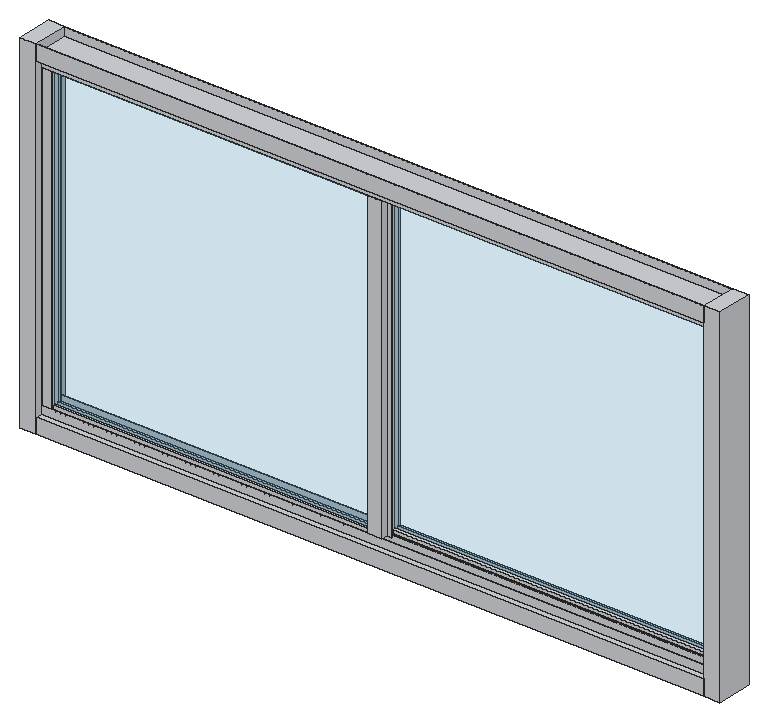
Revit family "MT-VMS_DB-SG_OX", category Windows, host Wall, Revit 2017 (continued)
Definition of nested family "VMS_DB-SG_OX_101mm"
  Dimensions and locks
    aligned and locked: Sweep 3 to Sweep 6 sketch curve
    aligned and locked: plane 7 to curve 1
    aligned and locked: plane 8 to curve 1
    aligned and locked: plane 8 to curve 2
    aligned and locked: plane 7 to curve 2
    aligned and locked: plane 1 "Center (Front/Back)" to curve 1
    aligned and locked: curve 2 to plane 4
    aligned and locked: Masking region 1 sketch curve to Extrusion 1  (x4)
    aligned and locked: Masking region 1 sketch curve to Sweep 3  (x2)
    aligned and locked: Sweep 3 to Masking region 1 sketch curve
    aligned and locked: plane 1 "Center (Front/Back)" to nested 4
    aligned and locked: nested 4 to plane 7
    aligned and locked: plane 8 to nested 5
    aligned and locked: plane 1 "Center (Front/Back)" to nested 5
    aligned and locked: plane 7 to nested 6
    aligned and locked: plane 1 "Center (Front/Back)" to nested 6
    aligned and locked: nested 7 to plane 8
    aligned and locked: Masking region 2 sketch curve to plane 11
    aligned and locked: Masking region 2 sketch curve to plane 4
    aligned and locked: Masking region 2 sketch curve to Extrusion 1
    aligned and locked: Extrusion 1 to Masking region 2 sketch curve  (x2)
    aligned and locked: Masking region 2 sketch curve to nested 1
    aligned and locked: Masking region 2 sketch curve to Sweep 3  (x2)
    aligned and locked: nested 8 to plane 9
    aligned and locked: plane 4 to nested 8
    aligned and locked: nested 9 to level
    aligned and locked: plane 4 to Masking region 1 sketch curve
    aligned and locked: plane 7 to Extrusion 1
    aligned and locked: plane 8 to nested 7
    aligned and locked: plane 1 "Center (Front/Back)" to nested 7
    aligned and locked: plane 9 to nested 10
    aligned and locked: plane 4 to nested 10
    aligned and locked: nested 11 to plane 1 "Center (Front/Back)"
    aligned and locked: level to nested 11
    aligned and locked: plane 1 "Center (Front/Back)" to nested 9
  Nested families
    nested 1: "VMS_DB-SG_GLAZED PANEL" at (473.2, -35, 56), Sash Material <- "FRAME MATERIAL", type "VMS_DB-SG_GLAZED PANEL"
      with OPEN yes
    nested 2: "VMS_DB-SG_GLAZED PANEL" at (-473.2, -66.6, 56) x (-1, 0, 0) z (0, 0, 1), Sash Material <- "FRAME MATERIAL", type "VMS_DB-SG_GLAZED PANEL"
      with OPEN no
    nested 3: "VMS_VM11_SILL DETAIL_FINE" at (-955, -50, 0) x (0, -1, 0) z (0, 0, 1), type "VMS_VM11_SILL DETAIL_FINE", detail levels fine
    nested 4: "MAIN FRAME 101.6MM_MEDIUM" at (-1000, 0, 0), type "MAIN FRAME 101.6MM_MEDIUM", detail levels medium
    nested 5: "MAIN FRAME 101.6MM_MEDIUM" at (1000, -101.6, 0) x (-1, 0, 0) z (0, 0, 1), type "MAIN FRAME 101.6MM_MEDIUM", detail levels medium
    nested 6: "AS1C CAVITY MAIN FRAME" at (-955, 0, 0), type "AS1C CAVITY MAIN FRAME", detail levels fine
    nested 7: "AS1C CAVITY MAIN FRAME" at (955, -101.6, 0) x (-1, 0, 0) z (0, 0, 1), type "AS1C CAVITY MAIN FRAME", detail levels fine
    nested 8: "VMS_VM8_HEAD DETAIL_FINE" at (0, -101.6, 1000) x (0, 1, 0) z (1, 0, 0), type "VMS_VM8_HEAD DETAIL_FINE", detail levels fine
    nested 9: "VMS_VM10_BOT DETAIL_FINE" at (0, -101.3, 0) x (0, 1, 0) z (1, 0, 0), type "VMS_VM10_BOT DETAIL_FINE", detail levels fine
    nested 10: "VMS_VM8_HEAD DETAIL_MEDIUM" at (0, 0, 1000) x (0, -1, 0) z (1, 0, 0), type "VMS_VM8_HEAD DETAIL_MEDIUM", detail levels medium
    nested 11: "VMS_VM10_BOT DETAIL_MEDIUM" at (0, 0, 0) x (0, -1, 0) z (1, 0, 0), type "VMS_VM10_BOT DETAIL_MEDIUM", detail levels medium
  Definition of nested family "VMS_DB-SG_GLAZED PANEL"
    Parameters (values of type "VMS_DB-SG_GLAZED PANEL")
      YEAR = "2018"  # constant formula
      VERSION = "2.0"  # constant formula
      TODAYS DATE = "22/11/2018"  # constant formula
      Sash Material [instance] = none
      SINGLE GLAZED THICKNESS = 5 mm
      SINGLE GLAZED = not(DOUBLE GLAZED)  # yes
      PANEL WIDTH = 960 mm
      PANEL HEIGHT = 894 mm
      OPEN [instance] = yes
      GLAZED WIDTH [instance] = 924 mm
      GLAZED RAIL MATERIAL = none
      GLAZED MATERIAL = none
      DOUBLE GLAZED THICKNESS = 15 mm
      DOUBLE GLAZED = no
      CREATOR = "Scott Isouard"  # constant formula
      COMPANY = "Archvis"  # constant formula
      Analytic Construction = "<None>"
      ANZRC COMPLIANT = "Yes"  # constant formula
      AIR POCKET = DOUBLE GLAZED THICKNESS - 10 mm  # 5 mm
    Reference planes
      plane 1 "Center (Front/Back)": y = 0
      plane 2: z = 0
      plane 3 "Center (Left/Right)": x = 0
      plane 4: x = -480
      plane 5: x = 480
      plane 6: x = -462
      plane 7: x = 462
      plane 8: z = 894
      plane 9: z = 874
      plane 10: z = 20
      plane 11: z = 447
      plane 12: x = -452.086
      plane 13: x = 452
      plane 14: z = 10
      plane 15: z = 884
    Forms (mm)
      Extrusion 1, solid, material <- "GLAZED MATERIAL", visible <- "SINGLE GLAZED"
        sketch origin (0, 0, 0) x (1, 0, 0) y (0, 1, 0)
          loop
            line (-462, 2.5) -> (-462, -2.5) -> (462, -2.5) -> (462, 2.5) -> (-462, 2.5)
        from 10 to 884
      Extrusion 2, solid, material <- "GLAZED MATERIAL", visible <- "DOUBLE GLAZED"
        sketch origin (0, 0, 0) x (1, 0, 0) y (0, 1, 0)
          loop
            line (-462, 7.5) -> (-462, 2.5) -> (462, 2.5) -> (462, 7.5) -> (-462, 7.5)
          loop
            line (-462, -2.5) -> (-462, -7.5) -> (462, -7.5) -> (462, -2.5) -> (-462, -2.5)
        from 10 to 884
      Sweep 3, solid, material <- "Sash Material"
        path origin (0, 0, 0) x (1, 0, 0) y (0, 0, 1)
          loop
            line (-480, 894) -> (-480, 0)
        profile "VM__PROFILE_SACH SILL : VM__PROFILE_SACH SILL" origin (-480, 0, 447) x (1, 0, 0) y (0, -1, 0)
          loop
            line (0, 13.45) -> (0, -13.45) -> (28, -13.45) -> (28, -9.95) -> (10, -9.95) -> (10, 9.95) -> (28, 9.95) -> (28, 13.45) -> (0, 13.45)
      Sweep 4, solid, material <- "Sash Material"
        path origin (0, 0, 0) x (1, 0, 0) y (0, 0, 1)
          loop
            line (480, 894) -> (480, 0)
        profile "VM__PROFILE_SACH SILL : VM__PROFILE_SACH SILL" origin (480, 0, 447) x (1, 0, 0) y (0, -1, 0)
          loop
            line (0, 13.45) -> (-28, 13.45) -> (-28, 9.95) -> (-10, 9.95) -> (-10, -9.95) -> (-28, -9.95) -> (-28, -13.45) -> (0, -13.45) -> (0, 13.45)
      Sweep 5, solid, material <- "Sash Material"
        path origin (0, 0, 0) x (1, 0, 0) y (0, 0, 1)
          loop
            line (-452.086, 894) -> (452, 894)
        profile "VM__PROFILE_GLAZED RAIL : VM__PROFILE_GLAZED RAIL" origin (-0.043, 0, 894) x (0, 0, 1) y (0, -1, 0)
          loop
            line (-5.417, -13.45) -> (0, -8.033) -> (0, 8.033) -> (-5.417, 13.45) -> (-19.826, 13.45) -> (-19.826, 6.25) -> (-10, 6.25) -> (-10, -6.25) -> (-19.826, -6.25) -> (-19.826, -13.45) -> (-5.417, -13.45)
      Sweep 6, solid, material <- "Sash Material"
        path origin (0, 0, 0) x (1, 0, 0) y (0, 0, 1)
          loop
            line (452, 0) -> (-452.086, 0)
        profile "VM__PROFILE_GLAZED RAIL : VM__PROFILE_GLAZED RAIL" origin (-0.043, 0, 0) x (0, 0, -1) y (0, -1, 0)
          loop
            line (-5.417, -13.45) -> (0, -8.033) -> (0, 8.033) -> (-5.417, 13.45) -> (-19.826, 13.45) -> (-19.826, 6.25) -> (-10, 6.25) -> (-10, -6.25) -> (-19.826, -6.25) -> (-19.826, -13.45) -> (-5.417, -13.45)
    Lines and regions (mm)
      Masking region 1, detail levels coarse
        outline origin (0, 0, 0) x (1, 0, 0) y (0, 1, 0)
          loop
            line (-452.086, 13.45) -> (-480, 13.45) -> (-480, -13.45) -> (-452.086, -13.45) -> (-452.086, 13.45)
          loop
            line (452, 13.45) -> (452, -13.45) -> (480, -13.45) -> (480, 13.45) -> (452, 13.45)
      Masking region 2, detail levels coarse
        outline origin (0, 0, 0) x (0, 1, 0) y (0, 0, 1)
          loop
            line (13.45, 894) -> (-13.45, 894) -> (-13.45, 874.174) -> (13.45, 874.174) -> (13.45, 894)
          loop
            line (13.45, 20) -> (-13.45, 20) -> (-13.45, 0) -> (13.45, 0) -> (13.45, 20)
      model lines, visible <- "OPEN", not visible
        curve 1: line (116.296, -13.45, 713.931) -> (-19.098, -13.45, 715.656)
        curve 2: line (-134.348, -13.45, 741.334) -> (8.162, -13.45, 666.42)
        curve 3: line (8.162, -13.45, 666.42) -> (-19.098, -13.45, 715.656)
        curve 4: line (116.912, -13.45, 762.344) -> (-18.481, -13.45, 764.068)
        curve 5: line (-134.348, -13.45, 741.334) -> (10.023, -13.45, 812.593)
        curve 6: line (10.023, -13.45, 812.593) -> (-18.481, -13.45, 764.068)
        curve 7: line (116.296, -13.45, 713.931) -> (116.912, -13.45, 762.344)
        curve 8: line (116.604, -13.45, 738.138) -> (-134.348, -13.45, 741.334)
        curve 9: line (-2.207, 13.452, 837.659) -> (-4.793, 13.452, 634.675)
      model lines, visible <- "OPEN"
        curve 10: line (120.069, -13.45, 471.208) -> (-15.335, -13.45, 471.208)
        curve 11: line (-130.903, -13.45, 447) -> (12.549, -13.45, 520.092)
        curve 12: line (12.549, -13.45, 520.092) -> (-15.335, -13.45, 471.208)
        curve 13: line (120.069, -13.45, 422.792) -> (-15.335, -13.45, 422.792)
        curve 14: line (-130.903, -13.45, 447) -> (12.549, -13.45, 373.908)
        curve 15: line (12.549, -13.45, 373.908) -> (-15.335, -13.45, 422.792)
        curve 16: line (120.069, -13.45, 471.208) -> (120.069, -13.45, 422.792)
        curve 17: line (120.069, -13.45, 447) -> (-130.903, -13.45, 447)
        curve 18: line (0, 13.452, 349) -> (0, 13.452, 552)
      symbolic lines
        curve 19: line (-466.086, 13.45, 0) -> (466.088, 13.45, 0)
        curve 20: line (-466.086, -13.45, 0) -> (462, -13.45, 0)
        curve 21: line (0, 13.45, 884) -> (0, 13.45, 10)
        curve 22: line (0, -13.45, 884) -> (0, -13.45, 10)
      symbolic lines, visible <- "OPEN"
        curve 23: line (150, 93.187, 0) -> (-150, 93.187, 0)
        curve 24: line (-150, 93.187, 0) -> (-70.45, 172.737, 0)
    Dimensions and locks
      equal spacing: plane 4, plane 3 "Center (Left/Right)", plane 5
      "PANEL WIDTH": plane 4 to plane 5
      "PANEL HEIGHT": plane 8 to plane 2
      equal spacing: Extrusion 1 sketch curve, plane 1 "Center (Front/Back)", Extrusion 1 sketch curve
      "SINGLE GLAZED THICKNESS": Extrusion 1 sketch curve to Extrusion 1 sketch curve
      equal spacing: plane 8, plane 11, plane 2
      equal spacing: Extrusion 2 sketch curve, plane 1 "Center (Front/Back)", Extrusion 2 sketch curve  (x2)
      "AIR POCKET": Extrusion 2 sketch curve to Extrusion 2 sketch curve
      "DOUBLE GLAZED THICKNESS": Extrusion 2 sketch curve to Extrusion 2 sketch curve
      locked: plane 4 to plane 12 at 27.914
      locked: plane 13 to plane 5 at 28
      locked: plane 8 to plane 9 at 20
      locked: plane 4 to plane 6 at 18
      locked: plane 7 to plane 5 at 18
      "GLAZED WIDTH": plane 6 to plane 7
      locked: plane 10 to plane 2 at 20
      locked: plane 14 to plane 2 at 10
      locked: plane 8 to plane 15 at 10
      equal spacing: curve 24, plane 3 "Center (Left/Right)", curve 23
      locked: curve 23 to Sweep 5 at 79.737
      aligned and locked: level to plane 2
      aligned and locked: plane 6 to Extrusion 2 sketch curve  (x2)
      aligned and locked: Extrusion 2 sketch curve to plane 7  (x2)
      aligned and locked: plane 4 to Sweep 3 sketch curve
      aligned and locked: plane 2 to Sweep 3 sketch curve
      aligned and locked: plane 8 to Sweep 3 sketch curve
      aligned and locked: Sweep 4 sketch curve to plane 5
      aligned and locked: plane 8 to Sweep 4 sketch curve
      aligned and locked: plane 2 to Sweep 4 sketch curve
      aligned and locked: Extrusion 1 sketch curve to plane 7
      aligned and locked: plane 6 to Extrusion 1 sketch curve
      aligned and locked: plane 11 to curve 17
      aligned and locked: plane 3 "Center (Left/Right)" to curve 18
      aligned and locked: Sweep 5 sketch curve to plane 8
      aligned and locked: plane 12 to Sweep 5 sketch curve
      aligned and locked: plane 13 to Sweep 5 sketch curve
      aligned and locked: plane 2 to Sweep 6 sketch curve
      aligned and locked: plane 13 to Sweep 6 sketch curve
      aligned and locked: plane 12 to Sweep 6 sketch curve
      aligned and locked: Sweep 5 to Masking region 1 sketch curve  (x2)
      aligned and locked: Masking region 1 sketch curve to Sweep 5  (x3)
      aligned and locked: Masking region 1 sketch curve to plane 4
      aligned and locked: Masking region 1 sketch curve to plane 5
      aligned and locked: Masking region 1 to Sweep 5
      aligned and locked: curve 20 to Sweep 5
      aligned and locked: Masking region 2 sketch curve to Sweep 4  (x2)
      aligned and locked: Sweep 4 to Masking region 2 sketch curve  (x2)
      aligned and locked: Masking region 2 sketch curve to Sweep 5  (x2)
      aligned and locked: Masking region 2 sketch curve to Sweep 6
      aligned and locked: Masking region 2 sketch curve to plane 10
      aligned and locked: nested 1 to plane 1 "Center (Front/Back)"
      aligned and locked: plane 2 to nested 1
      aligned and locked: nested 2 to plane 8
      aligned and locked: plane 1 "Center (Front/Back)" to nested 2
      aligned and locked: nested 3 to plane 8
      aligned and locked: plane 1 "Center (Front/Back)" to nested 3
      aligned and locked: plane 2 to nested 4
      aligned and locked: nested 4 to plane 1 "Center (Front/Back)"
      aligned and locked: Extrusion 2 to Sweep 6
      aligned and locked: Extrusion 2 to Extrusion 1  (x2)
      aligned and locked: nested 5 to plane 8
      aligned and locked: plane 1 "Center (Front/Back)" to nested 5
      aligned and locked: plane 2 to nested 6
      aligned and locked: nested 6 to plane 1 "Center (Front/Back)"
      aligned and locked: plane 2 to nested 7
      aligned and locked: nested 7 to plane 1 "Center (Front/Back)"
      aligned and locked: nested 8 to plane 8
      aligned and locked: plane 1 "Center (Front/Back)" to nested 8
      aligned and locked: Sweep 3 to curve 21
      aligned and locked: curve 22 to Sweep 3
      aligned and locked: curve 19 to Sweep 5
      aligned and locked: plane 7 to curve 20
      aligned and locked: plane 15 to curve 22
      aligned and locked: plane 15 to curve 21
      aligned and locked: plane 14 to curve 21
      aligned and locked: plane 14 to curve 22
      aligned and locked: plane 15 to Extrusion 2
      aligned and locked: plane 4 to nested 9
      aligned and locked: nested 9 to Sweep 3
      aligned and locked: plane 4 to nested 10
      aligned and locked: nested 10 to nested 9
      aligned and locked: plane 4 to nested 11
      aligned and locked: Masking region 1 to plane 13
      aligned and locked: plane 4 to nested 12
      aligned and locked: nested 12 to Sweep 5
      aligned and locked: plane 5 to nested 13
      aligned and locked: nested 13 to Sweep 4
      aligned and locked: plane 5 to nested 14
      aligned and locked: nested 14 to nested 13
      aligned and locked: plane 5 to nested 15
      aligned and locked: nested 14 to nested 15
      aligned and locked: plane 5 to nested 16
      aligned and locked: nested 16 to nested 15  (x2)
      aligned and locked: curve 19 to nested 16
      aligned and locked: nested 12 to curve 19
      aligned and locked: curve 20 to nested 12
    Automatic sketch dimensions
      curve 9 to curve 2 = 34.287 mm
      curve 2 to curve 7 = 118.111 mm
      curve 1 to curve 8 = 24.208 mm
      curve 3 to curve 4 = 48.416 mm
      curve 4 to curve 5 = 56.278 mm
      curve 5 to curve 9 = 27.89 mm
      curve 3 to curve 1 = 118.111 mm
      curve 6 to curve 4 = 118.111 mm
      curve 9 to curve 5 = 27.89 mm
      curve 3 to curve 2 = 56.278 mm
      curve 6 to curve 3 = 48.416 mm
      curve 8 to curve 4 = 118.076 mm
      curve 18 to curve 11 = 34.287 mm
      curve 11 to curve 16 = 118.111 mm
      curve 10 to curve 17 = 24.208 mm
      curve 12 to curve 13 = 48.416 mm
      curve 13 to curve 14 = 56.278 mm
      curve 14 to curve 18 = 27.89 mm
      curve 12 to curve 10 = 118.111 mm
      curve 15 to curve 13 = 118.111 mm
      curve 18 to curve 14 = 27.89 mm
      curve 12 to curve 11 = 56.278 mm
      curve 15 to curve 12 = 48.416 mm
      curve 17 to curve 13 = 118.076 mm
      curve 18 to curve 18 = 2.585 mm
      curve 18 to curve 18 = 202.984 mm
      curve 11 to curve 16 = 47.511 mm
      curve 11 to curve 12 = 49.235 mm
      curve 10 to curve 11 = 25.678 mm
      curve 10 to curve 16 = 48.412 mm
      curve 10 to curve 13 = 48.412 mm
      curve 13 to curve 15 = 48.525 mm
      curve 11 to curve 12 = 115.25 mm
      curve 10 to curve 15 = 0.617 mm
      curve 10 to curve 12 = 27.26 mm
      curve 13 to curve 14 = 28.505 mm
      curve 9 to curve 9 = 2.585 mm
      curve 9 to curve 9 = 202.984 mm
      curve 2 to curve 7 = 47.511 mm
      curve 2 to curve 3 = 49.235 mm
      curve 1 to curve 2 = 25.678 mm
      curve 1 to curve 7 = 48.412 mm
      curve 1 to curve 4 = 48.412 mm
      curve 4 to curve 6 = 48.525 mm
      curve 3 to curve 2 = 115.25 mm
      curve 6 to curve 1 = 0.617 mm
      curve 3 to curve 1 = 27.26 mm
      curve 5 to curve 4 = 28.505 mm
      Masking region 1 sketch curve to plane 13 = 0 mm
      curve 24 to curve 24 = 79.55 mm
      curve 19 to plane 6 = 4.086 mm
      curve 20 to plane 6 = 4.086 mm
      plane 7 to curve 19 = 4.088 mm
      curve 23 to curve 24 = 79.55 mm
      curve 24 to plane 3 "Center (Left/Right)" = 150 mm
    Nested families
      nested 1: "VM62_DOUBLE GLAZE RAIL_Mid detail" at (0, 0, 0) x (0, 0, 1) z (1, 0, 0), visible <- "DOUBLE GLAZED", type "VM62_DOUBLE GLAZE RAIL_Mid detail", detail levels medium
      nested 2: "VM62_DOUBLE GLAZE RAIL_Mid detail" at (0, 0, 894) x (0, 0, -1) z (1, 0, 0), visible <- "DOUBLE GLAZED", type "VM62_DOUBLE GLAZE RAIL_Mid detail", detail levels medium
      nested 3: "VM62_SGL GLAZE RAIL_Mid detail" at (0, 0, 894) x (0, 0, -1) z (1, 0, 0), visible <- "SINGLE GLAZED", type "VM62_SGL GLAZE RAIL_Mid detail", detail levels medium
      nested 4: "VM62_SGL GLAZE RAIL_Mid detail" at (0, 0, 0) x (0, 0, 1) z (1, 0, 0), visible <- "SINGLE GLAZED", type "VM62_SGL GLAZE RAIL_Mid detail", detail levels medium
      nested 5: "vm1_single glaze rail" at (0, 0, 894) x (0, 0, -1) z (1, 0, 0), visible <- "SINGLE GLAZED", type "vm1_single glaze rail", detail levels fine
      nested 6: "vm1_single glaze rail" at (0, 0, 0) x (0, 0, 1) z (1, 0, 0), visible <- "SINGLE GLAZED", type "vm1_single glaze rail", detail levels fine
      nested 7: "VM62_DOUBLE GLAZE RAIL" at (0, 0, 0) x (0, 0, 1) z (1, 0, 0), visible <- "DOUBLE GLAZED", type "VM62_DOUBLE GLAZE RAIL", detail levels fine
      nested 8: "VM62_DOUBLE GLAZE RAIL" at (0, 0, 894) x (0, 0, -1) z (1, 0, 0), visible <- "DOUBLE GLAZED", type "VM62_DOUBLE GLAZE RAIL", detail levels fine
      nested 9: "VMS_V3_SGL_FINE" at (-480, 13.45, 0), visible <- "SINGLE GLAZED", type "VMS_V3_SGL_FINE", detail levels fine
      nested 10: "VMS_V3_SGL_MEDIUM" at (-480, 13.45, 0), visible <- "SINGLE GLAZED", type "VMS_V3_SGL_MEDIUM", detail levels medium
      nested 11: "VMS_VM64_SILL DETAIL_FINE" at (-480, 13.45, 0), visible <- "DOUBLE GLAZED", type "VMS_VM64_SILL DETAIL_FINE", detail levels fine
      nested 12: "VMS_VM64_SILL DETAIL_MEDIUM" at (-480, 13.45, 0), visible <- "DOUBLE GLAZED", type "VMS_VM64_SILL DETAIL_MEDIUM", detail levels medium
      nested 13: "VMS_VM5_SILL DETAIL_FINE" at (480, -13.45, 0) x (0, 1, 0) z (0, 0, 1), visible <- "SINGLE GLAZED", type "VMS_VM5_SILL DETAIL_FINE", detail levels fine
      nested 14: "VMS_VM5_SILL DETAIL_MEDIUM" at (480, -13.45, 0) x (0, 1, 0) z (0, 0, 1), visible <- "SINGLE GLAZED", type "VMS_VM5_SILL DETAIL_MEDIUM", detail levels medium
      nested 15: "VMS_VM66_SILL DETAIL_FINE" at (480, -13.45, 0) x (0, 1, 0) z (0, 0, 1), visible <- "DOUBLE GLAZED", type "VMS_VM66_SILL DETAIL_FINE", detail levels fine
      nested 16: "VMS_VM66_SILL DETAIL_MEDIUM" at (480.054, -13.45, 0) x (0, 1, 0) z (0, 0, 1), visible <- "DOUBLE GLAZED", type "VMS_VM66_SILL DETAIL_MEDIUM", detail levels medium
    Definition of nested family "VM62_DOUBLE GLAZE RAIL_Mid detail"
      Reference planes
        plane 1 "Center (Front/Back)": y = 0
        plane 2: z = 0
        plane 3 "Center (Left/Right)": x = 0
        plane 4: x = 10
      Lines and regions (mm)
        detail lines, in view "Ref. Level"
          curve 1: line (19.826, 13.45, 0) -> (19.826, 10.52, 0)
          curve 2: line (19.826, 10.52, 0) -> (10, 10.52, 0)
          curve 3: line (10, -10.52, 0) -> (19.826, -10.52, 0)
          curve 4: line (19.826, -10.52, 0) -> (19.826, -13.45, 0)
          curve 5: line (19.826, -13.45, 0) -> (5.417, -13.45, 0)
          curve 6: line (5.417, -13.45, 0) -> (0, -8.033, 0)
          curve 7: line (0, -8.033, 0) -> (0, 8.033, 0)
          curve 8: line (0, 8.033, 0) -> (5.417, 13.45, 0)
          curve 9: line (5.417, 13.45, 0) -> (19.826, 13.45, 0)
          curve 10: line (10, -10.52, 0) -> (10, 10.52, 0)
      Dimensions and locks
        plane 3 "Center (Left/Right)" to plane 4 = 10 mm
    Definition of nested family "VM62_SGL GLAZE RAIL_Mid detail"
      Reference planes
        plane 1 "Center (Front/Back)": y = 0
        plane 2: z = 0
        plane 3 "Center (Left/Right)": x = 0
        plane 4: x = 10
      Lines and regions (mm)
        detail lines, in view "Ref. Level"
          curve 1: line (19.826, 13.45, 0) -> (19.826, 6.45, 0)
          curve 2: line (19.826, 6.45, 0) -> (10, 6.45, 0)
          curve 3: line (10, -6.45, 0) -> (19.826, -6.45, 0)
          curve 4: line (19.826, -6.45, 0) -> (19.826, -13.45, 0)
          curve 5: line (19.826, -13.45, 0) -> (5.417, -13.45, 0)
          curve 6: line (5.417, -13.45, 0) -> (0, -8.033, 0)
          curve 7: line (0, -8.033, 0) -> (0, 8.033, 0)
          curve 8: line (0, 8.033, 0) -> (5.417, 13.45, 0)
          curve 9: line (5.417, 13.45, 0) -> (19.826, 13.45, 0)
          curve 10: line (10, -6.45, 0) -> (10, 6.45, 0)
      Dimensions and locks
        plane 3 "Center (Left/Right)" to plane 4 = 10 mm
    Definition of nested family "vm1_single glaze rail"
      Reference planes
        plane 1 "Center (Front/Back)": y = 0
        plane 2: z = 0
        plane 3 "Center (Left/Right)": x = 0
      Lines and regions (mm)
        detail lines, in view "Ref. Level"
          curve 1: arc (5.316, -8.679, 0) -> (5.078, -8.372, 0) -> (4.771, -8.134, 0) r 1.525
          curve 2: arc (3.99, -7.925, 0) -> (3.633, -7.97, 0) -> (3.297, -8.097, 0) r 1.525
          curve 3: arc (2.647, -8.747, 0) -> (2.525, -9.062, 0) -> (2.476, -9.396, 0) r 1.525
          curve 4: arc (2.476, -9.396, 0) -> (2.18, -9.815, 0) -> (1.678, -9.711, 0) r 0.468
          curve 5: arc (0.088, -8.121, 0) -> (0.023, -8.024, 0) -> (0, -7.909, 0) r 0.3
          curve 6: arc (0, 7.909, 0) -> (0.023, 8.024, 0) -> (0.088, 8.121, 0) r 0.3
          curve 7: arc (1.678, 9.711, 0) -> (2.18, 9.815, 0) -> (2.476, 9.396, 0) r 0.468
          curve 8: arc (2.476, 9.396, 0) -> (2.525, 9.062, 0) -> (2.647, 8.747, 0) r 1.525
          curve 9: arc (3.297, 8.097, 0) -> (3.633, 7.97, 0) -> (3.99, 7.925, 0) r 1.525
          curve 10: arc (4.771, 8.134, 0) -> (5.078, 8.372, 0) -> (5.316, 8.679, 0) r 1.525
          curve 11: arc (5.525, 9.46, 0) -> (5.48, 9.817, 0) -> (5.353, 10.153, 0) r 1.525
          curve 12: arc (4.703, 10.803, 0) -> (4.388, 10.925, 0) -> (4.054, 10.974, 0) r 1.525
          curve 13: arc (4.054, 10.974, 0) -> (3.635, 11.27, 0) -> (3.739, 11.772, 0) r 0.468
          curve 14: arc (5.329, 13.362, 0) -> (5.426, 13.427, 0) -> (5.541, 13.45, 0) r 0.3
          curve 15: arc (13.831, 13.45, 0) -> (14.236, 13.045, 0) -> (13.831, 12.64, 0) r 0.405
          curve 16: arc (13.126, 11.82, 0) -> (13.214, 11.608, 0) -> (13.426, 11.52, 0) r 0.3
          curve 17: arc (13.936, 11.52, 0) -> (14.149, 11.432, 0) -> (14.236, 11.22, 0) r 0.3
          curve 18: arc (14.236, 10.62, 0) -> (14.149, 10.408, 0) -> (13.936, 10.32, 0) r 0.3
          curve 19: arc (13.426, 10.32, 0) -> (13.214, 10.232, 0) -> (13.126, 10.02, 0) r 0.3
          curve 20: arc (13.126, 8.576, 0) -> (13.214, 8.364, 0) -> (13.426, 8.276, 0) r 0.3
          curve 21: arc (18.226, 8.276, 0) -> (18.439, 8.364, 0) -> (18.526, 8.576, 0) r 0.3
          curve 22: arc (18.526, 10.02, 0) -> (18.439, 10.232, 0) -> (18.226, 10.32, 0) r 0.3
          curve 23: arc (17.716, 10.32, 0) -> (17.504, 10.408, 0) -> (17.416, 10.62, 0) r 0.3
          curve 24: arc (17.416, 11.22, 0) -> (17.504, 11.432, 0) -> (17.716, 11.52, 0) r 0.3
          curve 25: arc (18.226, 11.52, 0) -> (18.439, 11.608, 0) -> (18.526, 11.82, 0) r 0.3
          curve 26: arc (17.821, 12.64, 0) -> (17.416, 13.045, 0) -> (17.821, 13.45, 0) r 0.405
          curve 27: arc (19.026, 13.45, 0) -> (19.592, 13.216, 0) -> (19.826, 12.65, 0) r 0.8
          curve 28: arc (19.826, 6.961, 0) -> (19.751, 6.727, 0) -> (19.553, 6.581, 0) r 0.4
          curve 29: arc (18.59, 6.26, 0) -> (18.409, 6.288, 0) -> (18.326, 6.45, 0) r 0.2
          curve 30: arc (17.137, 6.284, 0) -> (16.932, 6.274, 0) -> (16.826, 6.45, 0) r 0.2
          curve 31: arc (15.637, 6.284, 0) -> (15.432, 6.274, 0) -> (15.326, 6.45, 0) r 0.2
          curve 32: arc (14.137, 6.284, 0) -> (13.932, 6.274, 0) -> (13.826, 6.45, 0) r 0.2
          curve 33: arc (13.426, 7.25, 0) -> (12.366, 7.689, 0) -> (11.926, 8.75, 0) r 1.5
          curve 34: arc (11.926, 11.75, 0) -> (11.839, 11.962, 0) -> (11.626, 12.05, 0) r 0.3
          curve 35: arc (6.463, 12.05, 0) -> (6.188, 11.87, 0) -> (6.244, 11.545, 0) r 0.3
          curve 36: arc (6.244, 11.545, 0) -> (7.057, 9.17, 0) -> (5.826, 6.982, 0) r 3.07
          curve 37: arc (5.826, 6.982, 0) -> (3.825, 6.385, 0) -> (1.905, 7.206, 0) r 3.07
          curve 38: arc (1.905, 7.206, 0) -> (1.58, 7.262, 0) -> (1.4, 6.987, 0) r 0.3
          curve 39: arc (1.4, -6.987, 0) -> (1.58, -7.262, 0) -> (1.905, -7.206, 0) r 0.3
          curve 40: arc (1.905, -7.206, 0) -> (3.825, -6.385, 0) -> (5.826, -6.982, 0) r 3.07
          curve 41: arc (5.826, -6.982, 0) -> (7.057, -9.17, 0) -> (6.244, -11.545, 0) r 3.07
          curve 42: arc (6.244, -11.545, 0) -> (6.188, -11.87, 0) -> (6.463, -12.05, 0) r 0.3
          curve 43: arc (11.626, -12.05, 0) -> (11.839, -11.962, 0) -> (11.926, -11.75, 0) r 0.3
          curve 44: arc (11.926, -8.75, 0) -> (12.366, -7.689, 0) -> (13.426, -7.25, 0) r 1.5
          curve 45: arc (13.826, -6.45, 0) -> (13.932, -6.274, 0) -> (14.137, -6.284, 0) r 0.2
          curve 46: arc (15.326, -6.45, 0) -> (15.432, -6.274, 0) -> (15.637, -6.284, 0) r 0.2
          curve 47: arc (16.826, -6.45, 0) -> (16.932, -6.274, 0) -> (17.137, -6.284, 0) r 0.2
          curve 48: arc (18.326, -6.45, 0) -> (18.409, -6.288, 0) -> (18.59, -6.26, 0) r 0.2
          curve 49: arc (19.553, -6.581, 0) -> (19.751, -6.727, 0) -> (19.826, -6.961, 0) r 0.4
          curve 50: arc (19.826, -12.65, 0) -> (19.592, -13.216, 0) -> (19.026, -13.45, 0) r 0.8
          curve 51: arc (17.821, -13.45, 0) -> (17.416, -13.045, 0) -> (17.821, -12.64, 0) r 0.405
          curve 52: arc (18.526, -11.82, 0) -> (18.439, -11.608, 0) -> (18.226, -11.52, 0) r 0.3
          curve 53: arc (17.716, -11.52, 0) -> (17.504, -11.432, 0) -> (17.416, -11.22, 0) r 0.3
          curve 54: arc (17.416, -10.62, 0) -> (17.504, -10.408, 0) -> (17.716, -10.32, 0) r 0.3
          curve 55: arc (18.226, -10.32, 0) -> (18.439, -10.232, 0) -> (18.526, -10.02, 0) r 0.3
          curve 56: arc (18.526, -8.576, 0) -> (18.439, -8.364, 0) -> (18.226, -8.276, 0) r 0.3
          curve 57: arc (13.426, -8.276, 0) -> (13.214, -8.364, 0) -> (13.126, -8.576, 0) r 0.3
          curve 58: arc (13.126, -10.02, 0) -> (13.214, -10.232, 0) -> (13.426, -10.32, 0) r 0.3
          curve 59: arc (13.936, -10.32, 0) -> (14.149, -10.408, 0) -> (14.236, -10.62, 0) r 0.3
          curve 60: arc (14.236, -11.22, 0) -> (14.149, -11.432, 0) -> (13.936, -11.52, 0) r 0.3
          curve 61: arc (13.426, -11.52, 0) -> (13.214, -11.608, 0) -> (13.126, -11.82, 0) r 0.3
          curve 62: arc (13.831, -12.64, 0) -> (14.236, -13.045, 0) -> (13.831, -13.45, 0) r 0.405
          curve 63: arc (5.541, -13.45, 0) -> (5.426, -13.427, 0) -> (5.329, -13.362, 0) r 0.3
          curve 64: arc (3.739, -11.772, 0) -> (3.635, -11.27, 0) -> (4.054, -10.974, 0) r 0.468
          curve 65: arc (4.054, -10.974, 0) -> (4.388, -10.925, 0) -> (4.703, -10.803, 0) r 1.525
          curve 66: arc (5.353, -10.153, 0) -> (5.48, -9.817, 0) -> (5.525, -9.46, 0) r 1.525
          curve 67: line (4.771, -8.134, 0) -> (4.485, -7.639, 0)
          curve 68: line (4.485, -7.639, 0) -> (3.99, -7.925, 0)
          curve 69: line (3.297, -8.097, 0) -> (2.675, -8.125, 0)
          curve 70: line (2.675, -8.125, 0) -> (2.647, -8.747, 0)
          curve 71: line (1.678, -9.711, 0) -> (0.088, -8.121, 0)
          curve 72: line (0, -7.909, 0) -> (0, 7.909, 0)
          curve 73: line (0.088, 8.121, 0) -> (1.678, 9.711, 0)
          curve 74: line (2.647, 8.747, 0) -> (2.675, 8.125, 0)
          curve 75: line (2.675, 8.125, 0) -> (3.297, 8.097, 0)
          curve 76: line (3.99, 7.925, 0) -> (4.485, 7.639, 0)
          curve 77: line (4.485, 7.639, 0) -> (4.771, 8.134, 0)
          curve 78: line (5.316, 8.679, 0) -> (5.811, 8.965, 0)
          curve 79: line (5.811, 8.965, 0) -> (5.525, 9.46, 0)
          curve 80: line (5.353, 10.153, 0) -> (5.325, 10.775, 0)
          curve 81: line (5.325, 10.775, 0) -> (4.703, 10.803, 0)
          curve 82: line (3.739, 11.772, 0) -> (5.329, 13.362, 0)
          curve 83: line (5.541, 13.45, 0) -> (13.831, 13.45, 0)
          curve 84: line (13.831, 12.64, 0) -> (13.126, 12.64, 0)
          curve 85: line (13.126, 12.64, 0) -> (13.126, 11.82, 0)
          curve 86: line (13.426, 11.52, 0) -> (13.936, 11.52, 0)
          curve 87: line (14.236, 11.22, 0) -> (14.236, 10.62, 0)
          curve 88: line (13.936, 10.32, 0) -> (13.426, 10.32, 0)
          curve 89: line (13.126, 10.02, 0) -> (13.126, 8.576, 0)
          curve 90: line (13.426, 8.276, 0) -> (18.226, 8.276, 0)
          curve 91: line (18.526, 8.576, 0) -> (18.526, 10.02, 0)
          curve 92: line (18.226, 10.32, 0) -> (17.716, 10.32, 0)
          curve 93: line (17.416, 10.62, 0) -> (17.416, 11.22, 0)
          curve 94: line (17.716, 11.52, 0) -> (18.226, 11.52, 0)
          curve 95: line (18.526, 11.82, 0) -> (18.526, 12.64, 0)
          curve 96: line (18.526, 12.64, 0) -> (17.821, 12.64, 0)
          curve 97: line (17.821, 13.45, 0) -> (19.026, 13.45, 0)
          curve 98: line (19.826, 12.65, 0) -> (19.826, 6.961, 0)
          curve 99: line (19.553, 6.581, 0) -> (18.59, 6.26, 0)
          curve 100: line (18.326, 6.45, 0) -> (18.326, 7.076, 0)
          curve 101: line (18.326, 7.076, 0) -> (17.137, 6.284, 0)
          curve 102: line (16.826, 6.45, 0) -> (16.826, 7.076, 0)
          curve 103: line (16.826, 7.076, 0) -> (15.637, 6.284, 0)
          curve 104: line (15.326, 6.45, 0) -> (15.326, 7.076, 0)
          curve 105: line (15.326, 7.076, 0) -> (14.137, 6.284, 0)
          curve 106: line (13.826, 6.45, 0) -> (13.826, 7.25, 0)
          curve 107: line (13.826, 7.25, 0) -> (13.426, 7.25, 0)
          curve 108: line (11.926, 8.75, 0) -> (11.926, 11.75, 0)
          curve 109: line (11.626, 12.05, 0) -> (6.463, 12.05, 0)
          curve 110: line (1.4, 6.987, 0) -> (1.4, -6.987, 0)
          curve 111: line (6.463, -12.05, 0) -> (11.626, -12.05, 0)
          curve 112: line (11.926, -11.75, 0) -> (11.926, -8.75, 0)
          curve 113: line (13.426, -7.25, 0) -> (13.826, -7.25, 0)
          curve 114: line (13.826, -7.25, 0) -> (13.826, -6.45, 0)
          curve 115: line (14.137, -6.284, 0) -> (15.326, -7.076, 0)
          curve 116: line (15.326, -7.076, 0) -> (15.326, -6.45, 0)
          curve 117: line (15.637, -6.284, 0) -> (16.826, -7.076, 0)
          curve 118: line (16.826, -7.076, 0) -> (16.826, -6.45, 0)
          curve 119: line (17.137, -6.284, 0) -> (18.326, -7.076, 0)
          curve 120: line (18.326, -7.076, 0) -> (18.326, -6.45, 0)
          curve 121: line (18.59, -6.26, 0) -> (19.553, -6.581, 0)
          curve 122: line (19.826, -6.961, 0) -> (19.826, -12.65, 0)
          curve 123: line (19.026, -13.45, 0) -> (17.821, -13.45, 0)
          curve 124: line (17.821, -12.64, 0) -> (18.526, -12.64, 0)
          curve 125: line (18.526, -12.64, 0) -> (18.526, -11.82, 0)
          curve 126: line (18.226, -11.52, 0) -> (17.716, -11.52, 0)
          curve 127: line (17.416, -11.22, 0) -> (17.416, -10.62, 0)
          curve 128: line (17.716, -10.32, 0) -> (18.226, -10.32, 0)
          curve 129: line (18.526, -10.02, 0) -> (18.526, -8.576, 0)
          curve 130: line (18.226, -8.276, 0) -> (13.426, -8.276, 0)
          curve 131: line (13.126, -8.576, 0) -> (13.126, -10.02, 0)
          curve 132: line (13.426, -10.32, 0) -> (13.936, -10.32, 0)
          curve 133: line (14.236, -10.62, 0) -> (14.236, -11.22, 0)
          curve 134: line (13.936, -11.52, 0) -> (13.426, -11.52, 0)
          curve 135: line (13.126, -11.82, 0) -> (13.126, -12.64, 0)
          curve 136: line (13.126, -12.64, 0) -> (13.831, -12.64, 0)
          curve 137: line (13.831, -13.45, 0) -> (5.541, -13.45, 0)
          curve 138: line (5.329, -13.362, 0) -> (3.739, -11.772, 0)
          curve 139: line (4.703, -10.803, 0) -> (5.325, -10.775, 0)
          curve 140: line (5.325, -10.775, 0) -> (5.353, -10.153, 0)
          curve 141: line (5.525, -9.46, 0) -> (5.811, -8.965, 0)
          curve 142: line (5.811, -8.965, 0) -> (5.316, -8.679, 0)
    Definition of nested family "VM62_DOUBLE GLAZE RAIL"
      Reference planes
        plane 1 "Center (Front/Back)": y = 0
        plane 2: z = 0
        plane 3 "Center (Left/Right)": x = 0
      Lines and regions (mm)
        detail lines, in view "Ref. Level"
          curve 1: arc (17.821, 12.64, 0) -> (17.416, 13.045, 0) -> (17.821, 13.45, 0) r 0.405
          curve 2: arc (19.026, 13.45, 0) -> (19.592, 13.216, 0) -> (19.826, 12.65, 0) r 0.8
          curve 3: arc (19.826, 10.711, 0) -> (19.751, 10.477, 0) -> (19.553, 10.331, 0) r 0.4
          curve 4: arc (18.59, 10.01, 0) -> (18.409, 10.038, 0) -> (18.326, 10.2, 0) r 0.2
          curve 5: arc (17.102, 10.002, 0) -> (16.915, 10.021, 0) -> (16.826, 10.187, 0) r 0.2
          curve 6: arc (15.602, 10.009, 0) -> (15.415, 10.028, 0) -> (15.326, 10.194, 0) r 0.2
          curve 7: arc (14.102, 10.016, 0) -> (13.915, 10.035, 0) -> (13.826, 10.201, 0) r 0.2
          curve 8: arc (12.726, 10.52, 0) -> (12.161, 10.754, 0) -> (11.926, 11.32, 0) r 0.8
          curve 9: arc (11.926, 11.75, 0) -> (11.839, 11.962, 0) -> (11.626, 12.05, 0) r 0.3
          curve 10: arc (6.463, 12.05, 0) -> (6.188, 11.87, 0) -> (6.244, 11.545, 0) r 0.3
          curve 11: arc (6.244, 11.545, 0) -> (7.057, 9.17, 0) -> (5.826, 6.982, 0) r 3.07
          curve 12: arc (5.826, 6.982, 0) -> (3.825, 6.385, 0) -> (1.905, 7.206, 0) r 3.07
          curve 13: arc (1.905, 7.206, 0) -> (1.58, 7.262, 0) -> (1.4, 6.987, 0) r 0.3
          curve 14: arc (1.4, -6.987, 0) -> (1.58, -7.262, 0) -> (1.905, -7.206, 0) r 0.3
          curve 15: arc (1.905, -7.206, 0) -> (3.825, -6.385, 0) -> (5.826, -6.982, 0) r 3.07
          curve 16: arc (5.826, -6.982, 0) -> (7.057, -9.17, 0) -> (6.244, -11.545, 0) r 3.07
          curve 17: arc (6.244, -11.545, 0) -> (6.188, -11.87, 0) -> (6.463, -12.05, 0) r 0.3
          curve 18: arc (11.626, -12.05, 0) -> (11.839, -11.962, 0) -> (11.926, -11.75, 0) r 0.3
          curve 19: arc (11.926, -11.32, 0) -> (12.161, -10.754, 0) -> (12.726, -10.52, 0) r 0.8
          curve 20: arc (13.826, -10.201, 0) -> (13.915, -10.035, 0) -> (14.102, -10.016, 0) r 0.2
          curve 21: arc (15.326, -10.194, 0) -> (15.415, -10.028, 0) -> (15.602, -10.009, 0) r 0.2
          curve 22: arc (16.826, -10.187, 0) -> (16.915, -10.021, 0) -> (17.102, -10.002, 0) r 0.2
          curve 23: arc (18.326, -10.2, 0) -> (18.409, -10.038, 0) -> (18.59, -10.01, 0) r 0.2
          curve 24: arc (19.553, -10.331, 0) -> (19.751, -10.477, 0) -> (19.826, -10.711, 0) r 0.4
          curve 25: arc (19.826, -12.65, 0) -> (19.592, -13.216, 0) -> (19.026, -13.45, 0) r 0.8
          curve 26: arc (17.821, -13.45, 0) -> (17.416, -13.045, 0) -> (17.821, -12.64, 0) r 0.405
          curve 27: arc (13.831, -12.64, 0) -> (14.236, -13.045, 0) -> (13.831, -13.45, 0) r 0.405
          curve 28: arc (5.541, -13.45, 0) -> (5.426, -13.427, 0) -> (5.329, -13.362, 0) r 0.3
          curve 29: arc (3.739, -11.772, 0) -> (3.635, -11.27, 0) -> (4.054, -10.974, 0) r 0.468
          curve 30: arc (4.054, -10.974, 0) -> (4.388, -10.925, 0) -> (4.703, -10.803, 0) r 1.525
          curve 31: arc (5.353, -10.153, 0) -> (5.48, -9.817, 0) -> (5.525, -9.46, 0) r 1.525
          curve 32: arc (5.316, -8.679, 0) -> (5.078, -8.372, 0) -> (4.771, -8.134, 0) r 1.525
          curve 33: arc (3.99, -7.925, 0) -> (3.633, -7.97, 0) -> (3.297, -8.097, 0) r 1.525
          curve 34: arc (2.647, -8.747, 0) -> (2.525, -9.062, 0) -> (2.476, -9.396, 0) r 1.525
          curve 35: arc (2.476, -9.396, 0) -> (2.18, -9.815, 0) -> (1.678, -9.711, 0) r 0.468
          curve 36: arc (0.088, -8.121, 0) -> (0.023, -8.024, 0) -> (0, -7.909, 0) r 0.3
          curve 37: arc (0, 7.909, 0) -> (0.023, 8.024, 0) -> (0.088, 8.121, 0) r 0.3
          curve 38: arc (1.678, 9.711, 0) -> (2.18, 9.815, 0) -> (2.476, 9.396, 0) r 0.468
          curve 39: arc (2.476, 9.396, 0) -> (2.525, 9.062, 0) -> (2.647, 8.747, 0) r 1.525
          curve 40: arc (3.297, 8.097, 0) -> (3.633, 7.97, 0) -> (3.99, 7.925, 0) r 1.525
          curve 41: arc (4.771, 8.134, 0) -> (5.078, 8.372, 0) -> (5.316, 8.679, 0) r 1.525
          curve 42: arc (5.525, 9.46, 0) -> (5.48, 9.817, 0) -> (5.353, 10.153, 0) r 1.525
          curve 43: arc (4.703, 10.803, 0) -> (4.388, 10.925, 0) -> (4.054, 10.974, 0) r 1.525
          curve 44: arc (4.054, 10.974, 0) -> (3.635, 11.27, 0) -> (3.739, 11.772, 0) r 0.468
          curve 45: arc (5.329, 13.362, 0) -> (5.426, 13.427, 0) -> (5.541, 13.45, 0) r 0.3
          curve 46: arc (13.831, 13.45, 0) -> (14.236, 13.045, 0) -> (13.831, 12.64, 0) r 0.405
          curve 47: line (13.831, 12.64, 0) -> (13.126, 12.64, 0)
          curve 48: line (13.126, 12.64, 0) -> (13.126, 11.52, 0)
          curve 49: line (13.126, 11.52, 0) -> (18.526, 11.52, 0)
          curve 50: line (18.526, 11.52, 0) -> (18.526, 12.64, 0)
          curve 51: line (18.526, 12.64, 0) -> (17.821, 12.64, 0)
          curve 52: line (17.821, 13.45, 0) -> (19.026, 13.45, 0)
          curve 53: line (19.826, 12.65, 0) -> (19.826, 10.711, 0)
          curve 54: line (19.553, 10.331, 0) -> (18.59, 10.01, 0)
          curve 55: line (18.326, 10.2, 0) -> (18.326, 10.499, 0)
          curve 56: line (18.326, 10.499, 0) -> (17.102, 10.002, 0)
          curve 57: line (16.826, 10.187, 0) -> (16.826, 10.506, 0)
          curve 58: line (16.826, 10.506, 0) -> (15.602, 10.009, 0)
          curve 59: line (15.326, 10.194, 0) -> (15.326, 10.513, 0)
          curve 60: line (15.326, 10.513, 0) -> (14.102, 10.016, 0)
          curve 61: line (13.826, 10.201, 0) -> (13.826, 10.52, 0)
          curve 62: line (13.826, 10.52, 0) -> (12.726, 10.52, 0)
          curve 63: line (11.926, 11.32, 0) -> (11.926, 11.75, 0)
          curve 64: line (11.626, 12.05, 0) -> (6.463, 12.05, 0)
          curve 65: line (1.4, 6.987, 0) -> (1.4, -6.987, 0)
          curve 66: line (6.463, -12.05, 0) -> (11.626, -12.05, 0)
          curve 67: line (11.926, -11.75, 0) -> (11.926, -11.32, 0)
          curve 68: line (12.726, -10.52, 0) -> (13.826, -10.52, 0)
          curve 69: line (13.826, -10.52, 0) -> (13.826, -10.201, 0)
          curve 70: line (14.102, -10.016, 0) -> (15.326, -10.513, 0)
          curve 71: line (15.326, -10.513, 0) -> (15.326, -10.194, 0)
          curve 72: line (15.602, -10.009, 0) -> (16.826, -10.506, 0)
          curve 73: line (16.826, -10.506, 0) -> (16.826, -10.187, 0)
          curve 74: line (17.102, -10.002, 0) -> (18.326, -10.499, 0)
          curve 75: line (18.326, -10.499, 0) -> (18.326, -10.2, 0)
          curve 76: line (18.59, -10.01, 0) -> (19.553, -10.331, 0)
          curve 77: line (19.826, -10.711, 0) -> (19.826, -12.65, 0)
          curve 78: line (19.026, -13.45, 0) -> (17.821, -13.45, 0)
          curve 79: line (17.821, -12.64, 0) -> (18.526, -12.64, 0)
          curve 80: line (18.526, -12.64, 0) -> (18.526, -11.52, 0)
          curve 81: line (18.526, -11.52, 0) -> (13.126, -11.52, 0)
          curve 82: line (13.126, -11.52, 0) -> (13.126, -12.64, 0)
          curve 83: line (13.126, -12.64, 0) -> (13.831, -12.64, 0)
          curve 84: line (13.831, -13.45, 0) -> (5.541, -13.45, 0)
          curve 85: line (5.329, -13.362, 0) -> (3.739, -11.772, 0)
          curve 86: line (4.703, -10.803, 0) -> (5.325, -10.775, 0)
          curve 87: line (5.325, -10.775, 0) -> (5.353, -10.153, 0)
          curve 88: line (5.525, -9.46, 0) -> (5.811, -8.965, 0)
          curve 89: line (5.811, -8.965, 0) -> (5.316, -8.679, 0)
          curve 90: line (4.771, -8.134, 0) -> (4.485, -7.639, 0)
          curve 91: line (4.485, -7.639, 0) -> (3.99, -7.925, 0)
          curve 92: line (3.297, -8.097, 0) -> (2.675, -8.125, 0)
          curve 93: line (2.675, -8.125, 0) -> (2.647, -8.747, 0)
          curve 94: line (1.678, -9.711, 0) -> (0.088, -8.121, 0)
          curve 95: line (0, -7.909, 0) -> (0, 7.909, 0)
          curve 96: line (0.088, 8.121, 0) -> (1.678, 9.711, 0)
          curve 97: line (2.647, 8.747, 0) -> (2.675, 8.125, 0)
          curve 98: line (2.675, 8.125, 0) -> (3.297, 8.097, 0)
          curve 99: line (3.99, 7.925, 0) -> (4.485, 7.639, 0)
          curve 100: line (4.485, 7.639, 0) -> (4.771, 8.134, 0)
          curve 101: line (5.316, 8.679, 0) -> (5.811, 8.965, 0)
          curve 102: line (5.811, 8.965, 0) -> (5.525, 9.46, 0)
          curve 103: line (5.353, 10.153, 0) -> (5.325, 10.775, 0)
          curve 104: line (5.325, 10.775, 0) -> (4.703, 10.803, 0)
          curve 105: line (3.739, 11.772, 0) -> (5.329, 13.362, 0)
          curve 106: line (5.541, 13.45, 0) -> (13.831, 13.45, 0)
    Definition of nested family "VMS_V3_SGL_FINE"
      Reference planes
        plane 1 "Center (Front/Back)": y = 0
        plane 2: z = 0
        plane 3 "Center (Left/Right)": x = 0
      Lines and regions (mm)
        model lines, in view "Ref. Level"
          curve 1: arc (27.114, -24.15, 0) -> (27.68, -23.916, 0) -> (27.914, -23.35, 0) r 0.8
          curve 2: arc (27.914, -20.411, 0) -> (27.839, -20.177, 0) -> (27.641, -20.031, 0) r 0.4
          curve 3: arc (26.677, -19.71, 0) -> (26.497, -19.738, 0) -> (26.414, -19.9, 0) r 0.2
          curve 4: arc (25.177, -19.71, 0) -> (24.997, -19.738, 0) -> (24.914, -19.9, 0) r 0.2
          curve 5: arc (23.677, -19.71, 0) -> (23.497, -19.738, 0) -> (23.414, -19.9, 0) r 0.2
          curve 6: arc (22.177, -19.71, 0) -> (21.997, -19.738, 0) -> (21.914, -19.9, 0) r 0.2
          curve 7: arc (21.914, -20.538, 0) -> (21.971, -20.713, 0) -> (22.119, -20.822, 0) r 0.3
          curve 8: arc (23.009, -21.119, 0) -> (23.157, -21.228, 0) -> (23.214, -21.404, 0) r 0.3
          curve 9: arc (23.214, -22.15, 0) -> (23.126, -22.362, 0) -> (22.914, -22.45, 0) r 0.3
          curve 10: arc (14.214, -22.45, 0) -> (14.002, -22.362, 0) -> (13.914, -22.15, 0) r 0.3
          curve 11: arc (13.914, -14.116, 0) -> (13.884, -13.963, 0) -> (13.797, -13.833, 0) r 0.4
          curve 12: arc (13.797, -13.067, 0) -> (13.884, -12.937, 0) -> (13.914, -12.784, 0) r 0.4
          curve 13: arc (13.914, -2.069, 0) -> (14.079, -1.801, 0) -> (14.392, -1.827, 0) r 0.3
          curve 14: arc (14.392, -1.827, 0) -> (20.069, -3.194, 0) -> (25.644, -1.459, 0) r 10.984
          curve 15: arc (25.644, -1.459, 0) -> (26.154, -1.441, 0) -> (26.414, -1.879, 0) r 0.5
          curve 16: arc (26.414, -5.1, 0) -> (26.326, -5.312, 0) -> (26.114, -5.4, 0) r 0.3
          curve 17: arc (22.119, -6.078, 0) -> (21.971, -6.187, 0) -> (21.914, -6.362, 0) r 0.3
          curve 18: arc (21.914, -7, 0) -> (21.997, -7.162, 0) -> (22.177, -7.19, 0) r 0.2
          curve 19: arc (23.414, -7, 0) -> (23.497, -7.162, 0) -> (23.677, -7.19, 0) r 0.2
          curve 20: arc (24.914, -7, 0) -> (24.997, -7.162, 0) -> (25.177, -7.19, 0) r 0.2
          curve 21: arc (26.414, -7, 0) -> (26.497, -7.162, 0) -> (26.677, -7.19, 0) r 0.2
          curve 22: arc (27.641, -6.869, 0) -> (27.839, -6.723, 0) -> (27.914, -6.489, 0) r 0.4
          curve 23: arc (27.914, -0.8, 0) -> (27.68, -0.234, 0) -> (27.114, 0, 0) r 0.8
          curve 24: arc (25.737, 0, 0) -> (25.642, -0.015, 0) -> (25.558, -0.06, 0) r 0.3
          curve 25: arc (25.558, -0.06, 0) -> (19.709, -2, 0) -> (13.86, -0.06, 0) r 9.784
          curve 26: arc (13.86, -0.06, 0) -> (13.776, -0.015, 0) -> (13.681, 0, 0) r 0.3
          curve 27: arc (0.5, 0, 0) -> (0.146, -0.146, 0) -> (0, -0.5, 0) r 0.5
          curve 28: arc (0, -3, 0) -> (0.088, -3.212, 0) -> (0.3, -3.3, 0) r 0.3
          curve 29: arc (0.9, -3.3, 0) -> (1.112, -3.212, 0) -> (1.2, -3, 0) r 0.3
          curve 30: arc (1.2, -1.5, 0) -> (1.288, -1.288, 0) -> (1.5, -1.2, 0) r 0.3
          curve 31: arc (4.7, -1.2, 0) -> (4.912, -1.288, 0) -> (5, -1.5, 0) r 0.3
          curve 32: arc (5, -10.176, 0) -> (4.912, -10.388, 0) -> (4.7, -10.476, 0) r 0.3
          curve 33: arc (3.6, -10.476, 0) -> (3.388, -10.388, 0) -> (3.3, -10.176, 0) r 0.3
          curve 34: arc (3.3, -9.692, 0) -> (3.212, -9.48, 0) -> (3, -9.392, 0) r 0.3
          curve 35: arc (1.5, -9.392, 0) -> (1.288, -9.304, 0) -> (1.2, -9.092, 0) r 0.3
          curve 36: arc (1.2, -7.692, 0) -> (1.112, -7.48, 0) -> (0.9, -7.392, 0) r 0.3
          curve 37: arc (0.3, -7.392, 0) -> (0.088, -7.48, 0) -> (0, -7.692, 0) r 0.3
          curve 38: arc (0, -11.552, 0) -> (0.4, -11.952, 0) -> (0.8, -11.552, 0) r 0.4
          curve 39: arc (2.1, -11.652, 0) -> (2.188, -11.864, 0) -> (2.4, -11.952, 0) r 0.3
          curve 40: arc (2.4, -14.952, 0) -> (2.188, -15.04, 0) -> (2.1, -15.252, 0) r 0.3
          curve 41: arc (0.8, -15.352, 0) -> (0.4, -14.952, 0) -> (0, -15.352, 0) r 0.4
          curve 42: arc (0, -19.208, 0) -> (0.088, -19.42, 0) -> (0.3, -19.508, 0) r 0.3
          curve 43: arc (0.9, -19.508, 0) -> (1.112, -19.42, 0) -> (1.2, -19.208, 0) r 0.3
          curve 44: arc (1.2, -17.808, 0) -> (1.288, -17.596, 0) -> (1.5, -17.508, 0) r 0.3
          curve 45: arc (3, -17.508, 0) -> (3.212, -17.42, 0) -> (3.3, -17.208, 0) r 0.3
          curve 46: arc (3.3, -16.724, 0) -> (3.388, -16.512, 0) -> (3.6, -16.424, 0) r 0.3
          curve 47: arc (4.7, -16.424, 0) -> (4.912, -16.512, 0) -> (5, -16.724, 0) r 0.3
          curve 48: arc (5, -23.3, 0) -> (4.912, -23.512, 0) -> (4.7, -23.6, 0) r 0.3
          curve 49: arc (0.3, -23.6, 0) -> (0.088, -23.688, 0) -> (0, -23.9, 0) r 0.3
          curve 50: arc (0, -26.4, 0) -> (0.146, -26.754, 0) -> (0.5, -26.9, 0) r 0.5
          curve 51: arc (2.102, -26.9, 0) -> (2.385, -26.783, 0) -> (2.502, -26.5, 0) r 0.4
          curve 52: arc (2.502, -26.5, 0) -> (2.385, -26.217, 0) -> (2.102, -26.1, 0) r 0.4
          curve 53: arc (5.902, -26.1, 0) -> (5.619, -26.217, 0) -> (5.502, -26.5, 0) r 0.4
          curve 54: arc (5.502, -26.5, 0) -> (5.619, -26.783, 0) -> (5.902, -26.9, 0) r 0.4
          curve 55: arc (21, -26.9, 0) -> (21.4, -26.52, 0) -> (21.039, -26.102, 0) r 0.4
          curve 56: arc (14.365, -25.441, 0) -> (14.043, -25.279, 0) -> (13.914, -24.944, 0) r 0.5
          curve 57: arc (13.914, -24.65, 0) -> (14.207, -23.943, 0) -> (14.914, -23.65, 0) r 1
          curve 58: arc (8.4, -25.7, 0) -> (8.259, -25.641, 0) -> (8.2, -25.5, 0) r 0.2
          curve 59: arc (8.2, -23.8, 0) -> (8.141, -23.659, 0) -> (8, -23.6, 0) r 0.2
          curve 60: arc (6.5, -23.6, 0) -> (6.288, -23.512, 0) -> (6.2, -23.3, 0) r 0.3
          curve 61: arc (6.2, -16.639, 0) -> (6.261, -16.458, 0) -> (6.419, -16.35, 0) r 0.3
          curve 62: arc (6.419, -16.35, 0) -> (6.899, -16.169, 0) -> (7.342, -15.909, 0) r 3.014
          curve 63: arc (7.342, -15.909, 0) -> (7.404, -15.838, 0) -> (7.426, -15.746, 0) r 0.2
          curve 64: arc (7.426, -14.908, 0) -> (7.145, -14.479, 0) -> (6.64, -14.566, 0) r 0.468
          curve 65: arc (6.64, -14.566, 0) -> (6.369, -14.767, 0) -> (6.06, -14.904, 0) r 1.525
          curve 66: arc (5.14, -14.904, 0) -> (4.813, -14.756, 0) -> (4.529, -14.535, 0) r 1.525
          curve 67: arc (4.124, -13.835, 0) -> (4.075, -13.45, 0) -> (4.124, -13.065, 0) r 1.525
          curve 68: arc (4.529, -12.365, 0) -> (4.813, -12.144, 0) -> (5.14, -11.996, 0) r 1.525
          curve 69: arc (6.06, -11.996, 0) -> (6.369, -12.133, 0) -> (6.64, -12.334, 0) r 1.525
          curve 70: arc (6.64, -12.334, 0) -> (7.145, -12.421, 0) -> (7.426, -11.992, 0) r 0.468
          curve 71: arc (7.426, -11.154, 0) -> (7.404, -11.062, 0) -> (7.342, -10.991, 0) r 0.2
          curve 72: arc (7.342, -10.991, 0) -> (6.899, -10.731, 0) -> (6.419, -10.55, 0) r 3.014
          curve 73: arc (6.419, -10.55, 0) -> (6.261, -10.442, 0) -> (6.2, -10.261, 0) r 0.3
          curve 74: arc (6.2, -1.5, 0) -> (6.288, -1.288, 0) -> (6.5, -1.2, 0) r 0.3
          curve 75: arc (12.312, -1.2, 0) -> (12.453, -1.259, 0) -> (12.512, -1.4, 0) r 0.2
          curve 76: arc (12.512, -25.5, 0) -> (12.453, -25.641, 0) -> (12.312, -25.7, 0) r 0.2
          curve 77: line (14.914, -23.65, 0) -> (23.214, -23.65, 0)
          curve 78: line (23.214, -23.65, 0) -> (25.029, -24.136, 0)
          curve 79: line (25.029, -24.136, 0) -> (27.114, -24.15, 0)
          curve 80: line (27.914, -23.35, 0) -> (27.914, -20.411, 0)
          curve 81: line (27.641, -20.031, 0) -> (26.677, -19.71, 0)
          curve 82: line (26.414, -19.9, 0) -> (26.414, -20.123, 0)
          curve 83: line (26.414, -20.123, 0) -> (25.177, -19.71, 0)
          curve 84: line (24.914, -19.9, 0) -> (24.914, -20.123, 0)
          curve 85: line (24.914, -20.123, 0) -> (23.677, -19.71, 0)
          curve 86: line (23.414, -19.9, 0) -> (23.414, -20.123, 0)
          curve 87: line (23.414, -20.123, 0) -> (22.177, -19.71, 0)
          curve 88: line (21.914, -19.9, 0) -> (21.914, -20.538, 0)
          curve 89: line (22.119, -20.822, 0) -> (23.009, -21.119, 0)
          curve 90: line (23.214, -21.404, 0) -> (23.214, -22.15, 0)
          curve 91: line (22.914, -22.45, 0) -> (14.214, -22.45, 0)
          curve 92: line (13.914, -22.15, 0) -> (13.914, -14.116, 0)
          curve 93: line (13.797, -13.833, 0) -> (13.414, -13.45, 0)
          curve 94: line (13.414, -13.45, 0) -> (13.797, -13.067, 0)
          curve 95: line (13.914, -12.784, 0) -> (13.914, -2.069, 0)
          curve 96: line (26.414, -1.879, 0) -> (26.414, -5.1, 0)
          curve 97: line (26.114, -5.4, 0) -> (24.2, -5.4, 0)
          curve 98: line (24.2, -5.4, 0) -> (22.119, -6.078, 0)
          curve 99: line (21.914, -6.362, 0) -> (21.914, -7, 0)
          curve 100: line (22.177, -7.19, 0) -> (23.414, -6.777, 0)
          curve 101: line (23.414, -6.777, 0) -> (23.414, -7, 0)
          curve 102: line (23.677, -7.19, 0) -> (24.914, -6.777, 0)
          curve 103: line (24.914, -6.777, 0) -> (24.914, -7, 0)
          curve 104: line (25.177, -7.19, 0) -> (26.414, -6.777, 0)
          curve 105: line (26.414, -6.777, 0) -> (26.414, -7, 0)
          curve 106: line (26.677, -7.19, 0) -> (27.641, -6.869, 0)
          curve 107: line (27.914, -6.489, 0) -> (27.914, -0.8, 0)
          curve 108: line (27.114, 0, 0) -> (25.737, 0, 0)
          curve 109: line (13.681, 0, 0) -> (0.5, 0, 0)
          curve 110: line (0, -0.5, 0) -> (0, -3, 0)
          curve 111: line (0.3, -3.3, 0) -> (0.9, -3.3, 0)
          curve 112: line (1.2, -3, 0) -> (1.2, -1.5, 0)
          curve 113: line (1.5, -1.2, 0) -> (4.7, -1.2, 0)
          curve 114: line (5, -1.5, 0) -> (5, -10.176, 0)
          curve 115: line (4.7, -10.476, 0) -> (3.6, -10.476, 0)
          curve 116: line (3.3, -10.176, 0) -> (3.3, -9.692, 0)
          curve 117: line (3, -9.392, 0) -> (1.5, -9.392, 0)
          curve 118: line (1.2, -9.092, 0) -> (1.2, -7.692, 0)
          curve 119: line (0.9, -7.392, 0) -> (0.3, -7.392, 0)
          curve 120: line (0, -7.692, 0) -> (0, -11.552, 0)
          curve 121: line (0.8, -11.552, 0) -> (0.8, -10.452, 0)
          curve 122: line (0.8, -10.452, 0) -> (2.1, -10.452, 0)
          curve 123: line (2.1, -10.452, 0) -> (2.1, -11.652, 0)
          curve 124: line (2.4, -11.952, 0) -> (2.776, -11.952, 0)
          curve 125: line (2.776, -11.952, 0) -> (2.776, -14.952, 0)
          curve 126: line (2.776, -14.952, 0) -> (2.4, -14.952, 0)
          curve 127: line (2.1, -15.252, 0) -> (2.1, -16.452, 0)
          curve 128: line (2.1, -16.452, 0) -> (0.8, -16.452, 0)
          curve 129: line (0.8, -16.452, 0) -> (0.8, -15.352, 0)
          curve 130: line (0, -15.352, 0) -> (0, -19.208, 0)
          curve 131: line (0.3, -19.508, 0) -> (0.9, -19.508, 0)
          curve 132: line (1.2, -19.208, 0) -> (1.2, -17.808, 0)
          curve 133: line (1.5, -17.508, 0) -> (3, -17.508, 0)
          curve 134: line (3.3, -17.208, 0) -> (3.3, -16.724, 0)
          curve 135: line (3.6, -16.424, 0) -> (4.7, -16.424, 0)
          curve 136: line (5, -16.724, 0) -> (5, -23.3, 0)
          curve 137: line (4.7, -23.6, 0) -> (0.3, -23.6, 0)
          curve 138: line (0, -23.9, 0) -> (0, -26.4, 0)
          curve 139: line (0.5, -26.9, 0) -> (2.102, -26.9, 0)
          curve 140: line (2.102, -26.1, 0) -> (1.002, -26.1, 0)
          curve 141: line (1.002, -26.1, 0) -> (1.002, -24.8, 0)
          curve 142: line (1.002, -24.8, 0) -> (7.002, -24.8, 0)
          curve 143: line (7.002, -24.8, 0) -> (7.002, -26.1, 0)
          curve 144: line (7.002, -26.1, 0) -> (5.902, -26.1, 0)
          curve 145: line (5.902, -26.9, 0) -> (21, -26.9, 0)
          curve 146: line (21.039, -26.102, 0) -> (14.365, -25.441, 0)
          curve 147: line (13.914, -24.944, 0) -> (13.914, -24.65, 0)
          curve 148: line (8.2, -25.5, 0) -> (8.2, -23.8, 0)
          curve 149: line (8, -23.6, 0) -> (6.5, -23.6, 0)
          curve 150: line (6.2, -23.3, 0) -> (6.2, -16.639, 0)
          curve 151: line (7.426, -15.746, 0) -> (7.426, -14.908, 0)
          curve 152: line (6.06, -14.904, 0) -> (5.6, -15.324, 0)
          curve 153: line (5.6, -15.324, 0) -> (5.14, -14.904, 0)
          curve 154: line (4.529, -14.535, 0) -> (3.976, -14.387, 0)
          curve 155: line (3.976, -14.387, 0) -> (4.124, -13.835, 0)
          curve 156: line (4.124, -13.065, 0) -> (3.976, -12.513, 0)
          curve 157: line (3.976, -12.513, 0) -> (4.529, -12.365, 0)
          curve 158: line (5.14, -11.996, 0) -> (5.6, -11.576, 0)
          curve 159: line (5.6, -11.576, 0) -> (6.06, -11.996, 0)
          curve 160: line (7.426, -11.992, 0) -> (7.426, -11.154, 0)
          curve 161: line (6.2, -10.261, 0) -> (6.2, -1.5, 0)
          curve 162: line (6.5, -1.2, 0) -> (12.312, -1.2, 0)
          curve 163: line (12.512, -1.4, 0) -> (12.512, -25.5, 0)
          curve 164: line (12.312, -25.7, 0) -> (8.4, -25.7, 0)
    Definition of nested family "VMS_V3_SGL_MEDIUM"
      Reference planes
        plane 1 "Center (Front/Back)": y = 0
        plane 2: z = 0
